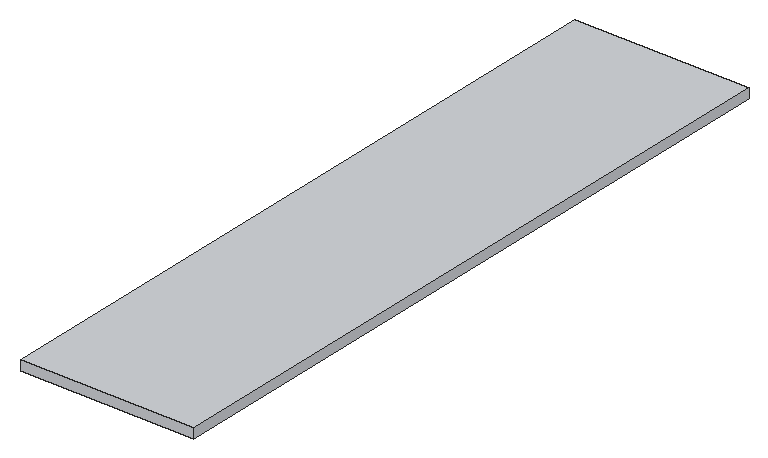
Revit family "Pannello", category Generic Models, host Face, Revit 2017
Family settings
  Host = Face
  Can host rebar = No
  Round Connector Dimension = Use Diameter
  Part Type = Normal
  Cut with Voids When Loaded = No
  Shared = No
  Room Calculation Point = No
Parameters
  lunghezza = 2000 mm
  larghezza = 500 mm
  altezza = 27 mm
  Default Elevation = 1219.2 mm
Reference planes
  plane 1 "Center (Front/Back)": y = 0
  plane 2: z = 0
  plane 3 "Center (Left/Right)": x = 0
Forms (mm)
  Extrusion 1, solid
    sketch origin (0, 0, 0) x (1, 0, 0) y (0, 1, 0)
      loop
        line (0, 0) -> (500, 0) -> (500, 2000) -> (0, 2000) -> (0, 0)
    from 0 to 27
Lines and regions (mm)
  reference lines
    curve 1: line (-1915.473, 2000, 0) -> (2784.527, 2000, 0)
    curve 2: line (500, -996.69, 0) -> (500, 2310.562, 0)
    curve 3: line (-1589.81, 0, 27) -> (2130.19, 0, 27)
Dimensions and locks
  "lunghezza": plane 1 "Center (Front/Back)" to curve 1
  "larghezza": Extrusion 1 to Extrusion 1
  "altezza": curve 3 to host face
  aligned and locked: plane 2 to host face
  aligned and locked: level to host face
  aligned and locked: Extrusion 1 to curve 1
  aligned and locked: curve 2 to Extrusion 1
  aligned and locked: Extrusion 1 to curve 3
Automatic sketch dimensions
  host sketch curve to host sketch curve = 2438.4 mm  (x2)
  Extrusion 1 sketch curve to plane 3 "Center (Left/Right)" = 0 mm
  plane 1 "Center (Front/Back)" to Extrusion 1 sketch curve = 0 mm
  plane 3 "Center (Left/Right)" to Extrusion 1 sketch curve = 500 mm
  Extrusion 1 sketch curve to Extrusion 1 sketch curve = 2000 mm
  curve 1 to plane 3 "Center (Left/Right)" = 1915.473 mm
  plane 3 "Center (Left/Right)" to curve 2 = 500 mm
  curve 2 to curve 1 = 2284.527 mm
  plane 1 "Center (Front/Back)" to curve 2 = 996.69 mm
  curve 1 to curve 2 = 310.562 mm
  curve 3 to plane 3 "Center (Left/Right)" = 1589.81 mm
  plane 3 "Center (Left/Right)" to curve 3 = 2130.19 mm
